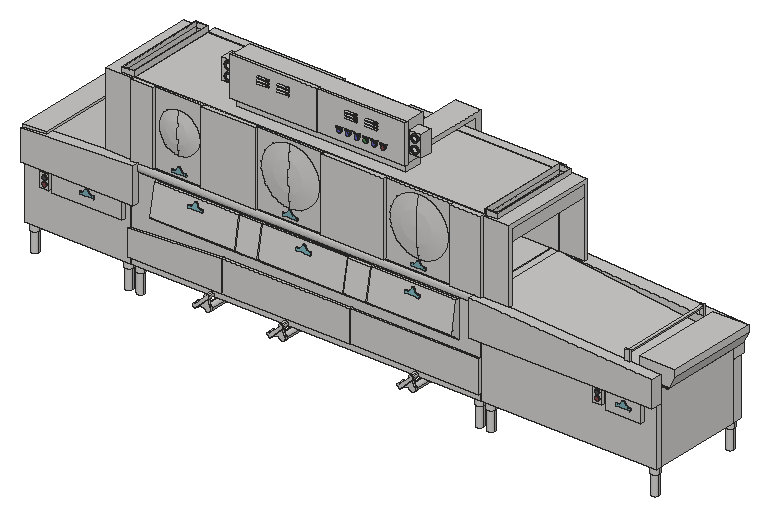
Revit family (continued)
Automatic sketch dimensions
  curve 117 to plane 72 = 0' - 0 1/2"
  curve 117 to curve 115 = 0' - 0 1/4"
  curve 117 to curve 111 = 0' - 0 1/4"
  curve 85 to curve 86 = 0' - 0 3/8"
  curve 135 to plane 80 = 0' - 0 1/2"
  curve 133 to plane 45 = 0' - 3"
  radius of Extrusion 105 sketch curve = 0' - 1 1/4"
  radius of Extrusion 105 sketch curve = 0' - 1"
  radius of Extrusion 108 sketch curve = 0' - 0 5/8"
  radius of Extrusion 109 sketch curve = 0' - 0 5/8"
  radius of Extrusion 110 sketch curve = 0' - 0 5/8"
  radius of Extrusion 111 sketch curve = 0' - 0 5/8"
  radius of Extrusion 113 sketch curve = 0' - 1 1/4"
  radius of Extrusion 113 sketch curve = 0' - 1"
  radius of Extrusion 115 sketch curve = 0' - 1 1/4"
  radius of Extrusion 115 sketch curve = 0' - 1"
  radius of Extrusion 117 sketch curve = 0' - 1 1/4"
  radius of Extrusion 117 sketch curve = 0' - 1"
  radius of Extrusion 119 sketch curve = 0' - 0 5/8"
  radius of Extrusion 120 sketch curve = 0' - 0 5/8"
  radius of Extrusion 139 sketch curve = 0' - 1"
  radius of Extrusion 139 sketch curve = 0' - 1 1/8"
  radius of Extrusion 140 sketch curve = 0' - 1"
  radius of Extrusion 140 sketch curve = 0' - 1 1/8"
  radius of Extrusion 144 sketch curve = 0' - 1"
  radius of Extrusion 144 sketch curve = 0' - 1 1/8"
  radius of Extrusion 148 sketch curve = 0' - 1 1/4"
  radius of Extrusion 148 sketch curve = 0' - 1"
  radius of Extrusion 151 sketch curve = 0' - 0 5/8"
  radius of Extrusion 152 sketch curve = 0' - 0 5/8"
  radius of Extrusion 153 sketch curve = 0' - 0 5/8"
  radius of Extrusion 154 sketch curve = 0' - 0 5/8"
  radius of Extrusion 156 sketch curve = 0' - 1 1/4"
  radius of Extrusion 156 sketch curve = 0' - 1"
  radius of Extrusion 158 sketch curve = 0' - 1 1/4"
  radius of Extrusion 158 sketch curve = 0' - 1"
  radius of Extrusion 160 sketch curve = 0' - 1 1/4"
  radius of Extrusion 160 sketch curve = 0' - 1"
  radius of Extrusion 162 sketch curve = 0' - 0 5/8"
  radius of Extrusion 163 sketch curve = 0' - 0 5/8"
  radius of Extrusion 176 sketch curve = 0' - 1"
  radius of Extrusion 176 sketch curve = 0' - 1 1/8"
  radius of Extrusion 177 sketch curve = 0' - 1"
  radius of Extrusion 177 sketch curve = 0' - 1 1/8"
  radius of Extrusion 181 sketch curve = 0' - 1"
  radius of Extrusion 181 sketch curve = 0' - 1 1/8"
  radius of Extrusion 57 sketch curve = 0' - 0 3/4"
  radius of Extrusion 58 sketch curve = 0' - 0 3/4"
  radius of Extrusion 69 sketch curve = 0' - 0 1/2"
  radius of Extrusion 73 sketch curve = 0' - 0 3/4"
  radius of Extrusion 74 sketch curve = 0' - 0 3/4"
  radius of Extrusion 75 sketch curve = 0' - 1 3/16"
  radius of Extrusion 76 sketch curve = 0' - 1 7/16"
  radius of Extrusion 77 sketch curve = 0' - 1 3/16"
  radius of Extrusion 78 sketch curve = 0' - 1 7/16"
  radius of Extrusion 79 sketch curve = 0' - 1 3/16"
  radius of Extrusion 80 sketch curve = 0' - 1 7/16"
  radius of Extrusion 81 sketch curve = 0' - 1 3/16"
  radius of Extrusion 82 sketch curve = 0' - 1 7/16"
  radius of Extrusion 83 sketch curve = 0' - 1 3/16"
  radius of Extrusion 84 sketch curve = 0' - 1 7/16"
  radius of Extrusion 85 sketch curve = 0' - 1 3/16"
  radius of Extrusion 86 sketch curve = 0' - 1 7/16"
  radius of Extrusion 87 sketch curve = 0' - 1 3/16"
  radius of Extrusion 88 sketch curve = 0' - 1 7/16"
  radius of Extrusion 89 sketch curve = 0' - 1 3/16"
  radius of Extrusion 90 sketch curve = 0' - 1 7/16"
  radius of Extrusion 91 sketch curve = 0' - 1 3/16"
  radius of Extrusion 92 sketch curve = 0' - 1 7/16"
  radius of Extrusion 93 sketch curve = 0' - 1 3/16"
  radius of Extrusion 94 sketch curve = 0' - 1 7/16"
  radius of Extrusion 95 sketch curve = 0' - 1 3/16"
  radius of Extrusion 96 sketch curve = 0' - 1 7/16"
  radius of Extrusion 97 sketch curve = 0' - 1 3/16"
  radius of Extrusion 98 sketch curve = 0' - 1 7/16"
  radius of Extrusion 133 sketch curve = 0' - 1"
  radius of Extrusion 133 sketch curve = 0' - 1 1/8"
  radius of Sweep 136 sketch curve = 0' - 0 3/8"
  radius of Sweep 136 sketch curve = 0' - 0 1/2"
  radius of Sweep 137 sketch curve = 0' - 0 1/2"
  radius of Sweep 137 sketch curve = 0' - 0 5/8"
  radius of Extrusion 138 sketch curve = 0' - 0 1/2"
  radius of Extrusion 190 sketch curve = 0' - 0 1/4"
  radius of Extrusion 191 sketch curve = 0' - 0 1/4"
  radius of Sweep 192 sketch curve = 0' - 0 3/8"
  radius of Extrusion 193 sketch curve = 0' - 0 1/4"
  radius of Extrusion 194 sketch curve = 0' - 0 1/4"
  radius of Extrusion 195 sketch curve = 0' - 0 1/4"
  radius of Extrusion 196 sketch curve = 0' - 0 1/4"
  radius of Extrusion 197 sketch curve = 0' - 0 1/4"
  radius of Extrusion 198 sketch curve = 0' - 0 1/4"
  radius of Extrusion 199 sketch curve = 0' - 0 1/4"
  radius of Extrusion 200 sketch curve = 0' - 0 1/4"
  radius of Sweep 201 sketch curve = 0' - 0 3/8"
  radius of Sweep 202 sketch curve = 0' - 0 3/8"
  radius of Sweep 203 sketch curve = 0' - 0 3/8"
  radius of Sweep 204 sketch curve = 0' - 0 3/8"
  radius of Sweep 208 sketch curve = 0' - 0 3/8"
  radius of Sweep 209 sketch curve = 0' - 1"
  radius of Sweep 208 sketch curve = 0' - 0 1/2"
  radius of Sweep 209 sketch curve = 0' - 1 1/8"
Nested families (in)
  nested 1: "QF_Stero_STPCW-ER_120_S_EX" at (98.84638, -6, 0), Ventilation Remarks <- "Unload Ventilation Remarks", Exhaust Volume <- "Unload Exhaust Volume", Exhaust Vent Width <- "Unload Exhaust Vent Width", Exhaust Vent Depth <- "Unload Exhaust Vent Depth", Exhaust Static Press <- "Unload Exhaust Static Press", Exhaust RI Height <- "Unload Exhaust RI Height", Item Number <- "Unload Exhaust Item Number", type "Nested"
    with Ventilation Remarks "", Item Number "-", Exhaust Volume 1000 CFM, Exhaust Vent Width 0' - 4", Exhaust Vent Depth 2' - 7 1/4", Exhaust Static Press 0.00 in-wg, Exhaust RI Height 0' - 0"
  nested 2: "QF_Stero_STPCW-ER_120_S_HW2" at (128.72138, -16.75, 0), visible <- "No Booster Heater", Plumbing Remarks <- "Boosted Plumbing Remarks", Hot Water Temperature <- "Boosted Hot Water Temperature", Hot Water Size <- "Boosted Hot Water Size", Hot Water RI Height <- "Boosted Hot Water RI Height", Hot Water Minimum Pressure <- "Boosted Hot Water Minimum Pressure", Hot Water Maximum Pressure <- "Boosted Hot Water Maximum Pressure", Hot Water Flow <- "Boosted Hot Water Flow", Hot Water Consumption <- "Boosted Hot Water Consumption", Hot Water Connection Height <- "Boosted Hot Water Connection Height", Item Number <- "Boosted HW Item Number", type "Nested"
    with Plumbing Remarks "", Item Number "-", Hot Water Temperature 180 °F, Hot Water Size Radius 3/8", Hot Water Size 3/4", Hot Water RI Height 0' - 0", Hot Water Minimum Pressure 20.00 psi, Hot Water Maximum Pressure 20.00 psi, Hot Water Flow 0.00 GPM, Hot Water Consumption 1.63 GPM, Hot Water Connection Height 0' - 6"
Connectors (in)
  hvac at (-23.40362, -21.625, 67.25), driven by "Exhaust Volume", driven by "Exhaust Vent Depth", driven by "Exhaust Vent Width"
    settings: on cut or joined group of Extrusion 29, Extrusion 31, index 1, duct flow 500 CFM, flow factor 0, pres drop 0.00 in-wg, loss coef 0, conn angle 0.00°, conn width 4", conn height 31 1/4", conn radius 12", duct sys type 3, conn prof type 1, flow config 1, flow direction 2, loss method 0, conn ref index -1, conn util no, is conn primary yes, conn desc "Load End Exhaust"
  hvac at (100.84638, -21.625, 67.25), driven by "Unload Exhaust Volume", driven by "Unload Exhaust Vent Depth", driven by "Unload Exhaust Vent Width"
    settings: on cut or joined group of Extrusion 33, Extrusion 35, index 2, duct flow 1000 CFM, flow factor 0, pres drop 0.00 in-wg, loss coef 0, conn angle 0.00°, conn width 4", conn height 31 1/4", conn radius 12", duct sys type 3, conn prof type 1, flow config 1, flow direction 2, loss method 0, conn ref index -1, conn util no, is conn primary no, conn desc "Unload End Exhaust"
  piping at (-39.90362, -20.25, 7), driven by "Indirect Waste Flow"
    settings: on Extrusion 133, index 3, connector radius 1", flow factor 0, pipe flow 0.00 GPM, pressure drop 0.00 psi, fitting loss kfactor 0, connector angle 0.00°, fixture units 0, flow configuration 1, flow direction 2, fitting loss method 0, system type 16, connector reference index -1, connector utility 0, adjustable connector no, is connector primary yes, fitting loss table "", connector description "Load End Indirect Waste"
  piping at (151.72138, -20.25, 7), driven by "Indirect Waste Flow"
    settings: on Extrusion 133, index 4, connector radius 1", flow factor 0, pipe flow 0.00 GPM, pressure drop 0.00 psi, fitting loss kfactor 0, connector angle 0.00°, fixture units 0, flow configuration 1, flow direction 2, fitting loss method 0, system type 16, connector reference index -1, connector utility 0, adjustable connector no, is connector primary no, fitting loss table "", connector description "Unload End Indirect Waste"
  piping at (134.72138, -8.5, 6), driven by "Hot Water Flow"
    settings: on Sweep 137, index 5, connector radius 1/2", flow factor 0, pipe flow 0.00 GPM, pressure drop 0.00 psi, fitting loss kfactor 0, connector angle 0.00°, fixture units 0, flow configuration 1, flow direction 1, fitting loss method 0, system type 19, connector reference index -1, connector utility 0, adjustable connector no, is connector primary no, fitting loss table "", connector description "Building Hot Water"
  piping at (-31.27862, -8.5, 6), driven by "Cold Water Flow"
    settings: on Sweep 136, index 6, connector radius 3/8", flow factor 0, pipe flow 0.00 GPM, pressure drop 0.00 psi, fitting loss kfactor 0, connector angle 0.00°, fixture units 0, flow configuration 1, flow direction 1, fitting loss method 0, system type 20, connector reference index -1, connector utility 0, adjustable connector no, is connector primary no, fitting loss table "", connector description "Cold Water"
  electrical at (10.72138, -26, 78.5), driven by "Number of Poles", driven by "Volts", driven by "Apparent Power"
    settings: on cut or joined group of Extrusion 100, Extrusion 138, index 7, voltage 208 V, apparent load 12270.5 VA, apparent load phase1 0 VA, apparent load phase2 0 VA, apparent load phase3 0 VA, power factor 1, load classification "Other", number of poles 1, system type 30, power factor state 1, is connector primary yes, connector utility no, sub classification motor no, connector description "Feeder 1 Electric"
  piping at (128.72138, -8.5, 6)
    settings: on Sweep 208, index 8, connector radius 3/8", flow factor 0, pipe flow 0.00 GPM, pressure drop 0.00 psi, fitting loss kfactor 0, connector angle 0.00°, fixture units 0, flow configuration 1, flow direction 2, fitting loss method 0, system type 8, connector reference index -1, connector utility 0, adjustable connector no, is connector primary no, fitting loss table "", connector description "Condensate Return"
  piping at (122.72138, -8.5, 6), driven by "Steam Supply Volume"
    settings: on Sweep 209, index 9, connector radius 1", flow factor 0, pipe flow 0.00 GPM, pressure drop 0.00 psi, fitting loss kfactor 0, connector angle 0.00°, fixture units 0, flow configuration 1, flow direction 1, fitting loss method 0, system type 7, connector reference index -1, connector utility 0, adjustable connector no, is connector primary no, fitting loss table "", connector description "Steam Supply"
Definition of nested family "QF_Stero_STPCW-ER_120_S_EX"
  Parameters (values of type "Nested")
    Ventilation Remarks [instance] = ""
    Item Number [instance] = "-"
    Exhaust Volume [instance] = 0 CFM
    Exhaust Vent Width [instance] = 1' - 4"
    Exhaust Vent Depth [instance] = 0' - 4"
    Exhaust Static Press [instance] = 0.00 in-wg
    Exhaust RI Height [instance] = 0' - 0"
    Description = ""
    Assembly Code = ""
  Reference planes (in)
    plane 1 "Center (Back)": y = 0
    plane 2: z = 0
    plane 3 "Center (Left)": x = 0
    plane 4: x = 16
    plane 5: y = -4
  Lines and regions (in)
    symbolic lines, style "QF_Multiple Utilities"
      curve 1: line (0, 0, 0) -> (16, 0, 0)
      curve 2: line (0, -4, 0) -> (0, 0, 0)
      curve 3: line (16, -4, 0) -> (0, -4, 0)
      curve 4: line (16, 0, 0) -> (16, -4, 0)
      curve 5: line (16, 0, 0) -> (0, -4, 0)
      curve 6: line (0, 0, 0) -> (16, -4, 0)
  Dimensions and locks (in)
    "Exhaust Vent Width": plane 3 "Center (Left)" to plane 4
    "Exhaust Vent Depth": plane 1 "Center (Back)" to plane 5
    aligned and locked: level to plane 2
    aligned and locked: plane 1 "Center (Back)" to curve 1
    aligned and locked: plane 3 "Center (Left)" to curve 2
    aligned and locked: curve 3 to plane 5
    aligned and locked: curve 4 to plane 4
Definition of nested family "QF_Stero_STPCW-ER_120_S_HW2"
  Parameters (values of type "Nested")
    Plumbing Remarks [instance] = ""
    Item Number [instance] = "-"
    Hot Water Temperature [instance] = 0 °F
    Hot Water Size [instance] = 1/4"
    Hot Water RI Height [instance] = 0' - 0"
    Hot Water Minimum Pressure [instance] = 0.00 psi
    Hot Water Maximum Pressure [instance] = 0.00 psi
    Hot Water Flow [instance] = 0.00 GPM
    Hot Water Consumption [instance] = 0.00 GPM
    Hot Water Connection Height [instance] = 0' - 0"
    Description = ""
    Hot Water Size Radius [instance] = Hot Water Size / 2  # 1/8"
    Assembly Code = ""
  Reference planes (in)
    plane 1 "Center (Back)": y = 0
    plane 2: z = 0
    plane 3 "Center (Left)": x = 0
  Lines and regions (in)
    symbolic lines, style "QF_Multiple Utilities"
      curve 1: circle (0, 0, 0) r 0.125 normal (0, 0, 1)
  Dimensions and locks (in)
    "Hot Water Size Radius": radius of curve 1
    aligned and locked: level to plane 2
  Automatic sketch dimensions
    plane 1 "Center (Back)" to curve 1 = 0' - 0"
    curve 1 to plane 3 "Center (Left)" = 0' - 0"
Types (3): name | Volts | FL Amps | Apparent Power
  (no name) | 208 V | 34.1 A | 12270.5 VA
  208/60/3 | 208 V | 34.1 A | 12270.5 VA
  480/60/3 | 480 V | 15.9 A | 13203.4 VA
